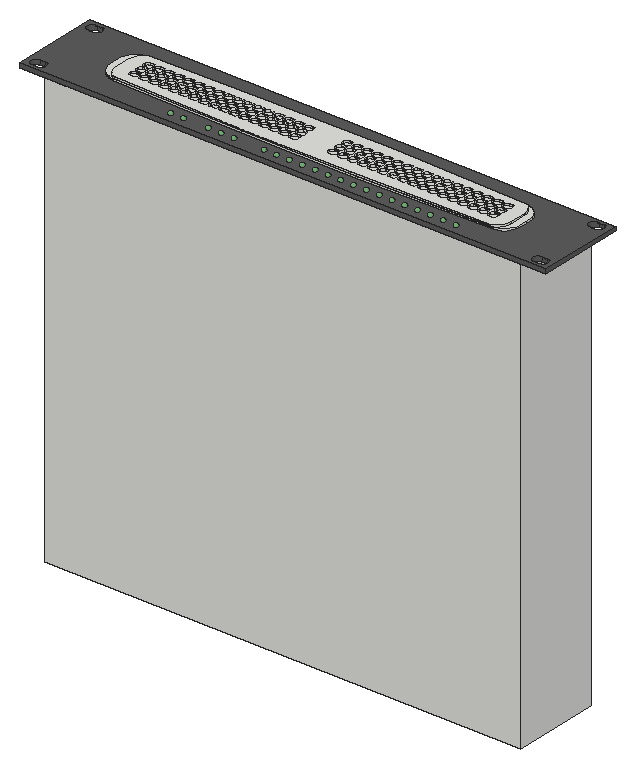
Revit family "Electronics_Amplifiers_Biamp_Vocia_Networked_VA-8150CV___", category Communication Devices, host Face, Revit 2020 (continued)
Forms (in)
  Extrusion 6, solid, material "Biamp - Metal - Silver" <- "Housing Material", detail levels medium+fine
    sketch origin (10.03068, -1.75082, -6.93265) x (1, 0, 0) y (0, 1, 0)
      loop
        arc (3.54892, 2.03922) -> (3.45454, 2.00013) -> (3.41544, 1.90574) r 0.13348
      loop
        line (3.81544, 1.90574) -> (3.81544, 1.86476)
        arc (3.81544, 1.86476) -> (3.85635, 1.76599) -> (3.95512, 1.72508) r 0.13968
        line (3.95512, 1.72508) -> (4.03383, 1.72508)
        arc (4.03383, 1.72508) -> (4.1326, 1.76599) -> (4.17351, 1.86476) r 0.13968
        line (4.17351, 1.86476) -> (4.17351, 1.90574)
        arc (4.17351, 1.90574) -> (4.13442, 2.00013) -> (4.04003, 2.03922) r 0.13348
        line (4.04003, 2.03922) -> (3.94892, 2.03922)
        arc (3.94892, 2.03922) -> (3.85454, 2.00013) -> (3.81544, 1.90574) r 0.13348
      loop
        line (4.21544, 1.90574) -> (4.21544, 1.86476)
        arc (4.21544, 1.86476) -> (4.25635, 1.76599) -> (4.35512, 1.72508) r 0.13968
        line (4.35512, 1.72508) -> (4.43383, 1.72508)
        arc (4.43383, 1.72508) -> (4.5326, 1.76599) -> (4.57351, 1.86476) r 0.13968
        line (4.57351, 1.86476) -> (4.57351, 1.90574)
        arc (4.57351, 1.90574) -> (4.53442, 2.00013) -> (4.44003, 2.03922) r 0.13348
        line (4.44003, 2.03922) -> (4.34892, 2.03922)
        arc (4.34892, 2.03922) -> (4.25454, 2.00013) -> (4.21544, 1.90574) r 0.13348
      loop
        line (4.61544, 1.90574) -> (4.61544, 1.86476)
        arc (4.61544, 1.86476) -> (4.65635, 1.76599) -> (4.75512, 1.72508) r 0.13968
        line (4.75512, 1.72508) -> (4.83383, 1.72508)
        arc (4.83383, 1.72508) -> (4.9326, 1.76599) -> (4.97351, 1.86476) r 0.13968
        line (4.97351, 1.86476) -> (4.97351, 1.90574)
        arc (4.97351, 1.90574) -> (4.93442, 2.00013) -> (4.84003, 2.03922) r 0.13348
        line (4.84003, 2.03922) -> (4.74892, 2.03922)
        arc (4.74892, 2.03922) -> (4.65454, 2.00013) -> (4.61544, 1.90574) r 0.13348
      loop
        line (5.01544, 1.90574) -> (5.01544, 1.86476)
        arc (5.01544, 1.86476) -> (5.05635, 1.76599) -> (5.15512, 1.72508) r 0.13968
        line (5.15512, 1.72508) -> (5.23383, 1.72508)
        arc (5.23383, 1.72508) -> (5.3326, 1.76599) -> (5.37351, 1.86476) r 0.13968
        line (5.37351, 1.86476) -> (5.37351, 1.90574)
        arc (5.37351, 1.90574) -> (5.33442, 2.00013) -> (5.24003, 2.03922) r 0.13348
        line (5.24003, 2.03922) -> (5.14892, 2.03922)
        arc (5.14892, 2.03922) -> (5.05454, 2.00013) -> (5.01544, 1.90574) r 0.13348
      loop
        line (5.41544, 1.90574) -> (5.41544, 1.86476)
        arc (5.41544, 1.86476) -> (5.45635, 1.76599) -> (5.55512, 1.72508) r 0.13968
        line (5.55512, 1.72508) -> (5.63383, 1.72508)
        arc (5.63383, 1.72508) -> (5.7326, 1.76599) -> (5.77351, 1.86476) r 0.13968
        line (5.77351, 1.86476) -> (5.77351, 1.90574)
        arc (5.77351, 1.90574) -> (5.73442, 2.00013) -> (5.64003, 2.03922) r 0.13348
        line (5.64003, 2.03922) -> (5.54892, 2.03922)
        arc (5.54892, 2.03922) -> (5.45454, 2.00013) -> (5.41544, 1.90574) r 0.13348
      loop
        line (5.81544, 1.90574) -> (5.81544, 1.86476)
        arc (5.81544, 1.86476) -> (5.85635, 1.76599) -> (5.95512, 1.72508) r 0.13968
        line (5.95512, 1.72508) -> (6.03383, 1.72508)
        arc (6.03383, 1.72508) -> (6.1326, 1.76599) -> (6.17351, 1.86476) r 0.13968
        line (6.17351, 1.86476) -> (6.17351, 1.90574)
        arc (6.17351, 1.90574) -> (6.13442, 2.00013) -> (6.04003, 2.03922) r 0.13348
        line (6.04003, 2.03922) -> (5.94892, 2.03922)
        arc (5.94892, 2.03922) -> (5.85454, 2.00013) -> (5.81544, 1.90574) r 0.13348
      loop
        line (6.21544, 1.90574) -> (6.21544, 1.86476)
        arc (6.21544, 1.86476) -> (6.25635, 1.76599) -> (6.35512, 1.72508) r 0.13968
        line (6.35512, 1.72508) -> (6.43383, 1.72508)
        arc (6.43383, 1.72508) -> (6.5326, 1.76599) -> (6.57351, 1.86476) r 0.13968
        line (6.57351, 1.86476) -> (6.57351, 1.90574)
        arc (6.57351, 1.90574) -> (6.53442, 2.00013) -> (6.44003, 2.03922) r 0.13348
        line (6.44003, 2.03922) -> (6.34892, 2.03922)
        arc (6.34892, 2.03922) -> (6.25454, 2.00013) -> (6.21544, 1.90574) r 0.13348
      loop
        line (6.61544, 1.90574) -> (6.61544, 1.86476)
        arc (6.61544, 1.86476) -> (6.65635, 1.76599) -> (6.75512, 1.72508) r 0.13968
        line (6.75512, 1.72508) -> (6.83383, 1.72508)
        arc (6.83383, 1.72508) -> (6.9326, 1.76599) -> (6.97351, 1.86476) r 0.13968
        line (6.97351, 1.86476) -> (6.97351, 1.90574)
        arc (6.97351, 1.90574) -> (6.93442, 2.00013) -> (6.84003, 2.03922) r 0.13348
        line (6.84003, 2.03922) -> (6.74892, 2.03922)
        arc (6.74892, 2.03922) -> (6.65454, 2.00013) -> (6.61544, 1.90574) r 0.13348
      loop
        line (7.01544, 1.90574) -> (7.01544, 1.86476)
        arc (7.01544, 1.86476) -> (7.05635, 1.76599) -> (7.15512, 1.72508) r 0.13968
        line (7.15512, 1.72508) -> (7.23383, 1.72508)
        arc (7.23383, 1.72508) -> (7.3326, 1.76599) -> (7.37351, 1.86476) r 0.13968
        line (7.37351, 1.86476) -> (7.37351, 1.90574)
        arc (7.37351, 1.90574) -> (7.33442, 2.00013) -> (7.24003, 2.03922) r 0.13348
        line (7.24003, 2.03922) -> (7.14892, 2.03922)
        arc (7.14892, 2.03922) -> (7.05454, 2.00013) -> (7.01544, 1.90574) r 0.13348
      loop
        line (0.61544, 1.55574) -> (0.61544, 1.51476)
        arc (0.61544, 1.51476) -> (0.65635, 1.41599) -> (0.75512, 1.37508) r 0.13968
        line (0.75512, 1.37508) -> (0.83383, 1.37508)
        arc (0.83383, 1.37508) -> (0.9326, 1.41599) -> (0.97351, 1.51476) r 0.13968
        line (0.97351, 1.51476) -> (0.97351, 1.55574)
        arc (0.97351, 1.55574) -> (0.93442, 1.65013) -> (0.84003, 1.68922) r 0.13348
        line (0.84003, 1.68922) -> (0.74892, 1.68922)
        arc (0.74892, 1.68922) -> (0.65454, 1.65013) -> (0.61544, 1.55574) r 0.13348
      loop
        line (1.01544, 1.55574) -> (1.01544, 1.51476)
        arc (1.01544, 1.51476) -> (1.05635, 1.41599) -> (1.15512, 1.37508) r 0.13968
        line (1.15512, 1.37508) -> (1.23383, 1.37508)
        arc (1.23383, 1.37508) -> (1.3326, 1.41599) -> (1.37351, 1.51476) r 0.13968
        line (1.37351, 1.51476) -> (1.37351, 1.55574)
        arc (1.37351, 1.55574) -> (1.33442, 1.65013) -> (1.24003, 1.68922) r 0.13348
        line (1.24003, 1.68922) -> (1.14892, 1.68922)
        arc (1.14892, 1.68922) -> (1.05454, 1.65013) -> (1.01544, 1.55574) r 0.13348
      loop
        line (1.41544, 1.55574) -> (1.41544, 1.51476)
        arc (1.41544, 1.51476) -> (1.45635, 1.41599) -> (1.55512, 1.37508) r 0.13968
        line (1.55512, 1.37508) -> (1.63383, 1.37508)
        arc (1.63383, 1.37508) -> (1.7326, 1.41599) -> (1.77351, 1.51476) r 0.13968
        line (1.77351, 1.51476) -> (1.77351, 1.55574)
        arc (1.77351, 1.55574) -> (1.73442, 1.65013) -> (1.64003, 1.68922) r 0.13348
        line (1.64003, 1.68922) -> (1.54892, 1.68922)
        arc (1.54892, 1.68922) -> (1.45454, 1.65013) -> (1.41544, 1.55574) r 0.13348
      loop
        line (1.81544, 1.55574) -> (1.81544, 1.51476)
        arc (1.81544, 1.51476) -> (1.85635, 1.41599) -> (1.95512, 1.37508) r 0.13968
        line (1.95512, 1.37508) -> (2.03383, 1.37508)
        arc (2.03383, 1.37508) -> (2.1326, 1.41599) -> (2.17351, 1.51476) r 0.13968
        line (2.17351, 1.51476) -> (2.17351, 1.55574)
        arc (2.17351, 1.55574) -> (2.13442, 1.65013) -> (2.04003, 1.68922) r 0.13348
        line (2.04003, 1.68922) -> (1.94892, 1.68922)
        arc (1.94892, 1.68922) -> (1.85454, 1.65013) -> (1.81544, 1.55574) r 0.13348
      loop
        line (2.21544, 1.55574) -> (2.21544, 1.51476)
        arc (2.21544, 1.51476) -> (2.25635, 1.41599) -> (2.35512, 1.37508) r 0.13968
        line (2.35512, 1.37508) -> (2.43383, 1.37508)
        arc (2.43383, 1.37508) -> (2.5326, 1.41599) -> (2.57351, 1.51476) r 0.13968
        line (2.57351, 1.51476) -> (2.57351, 1.55574)
        arc (2.57351, 1.55574) -> (2.53442, 1.65013) -> (2.44003, 1.68922) r 0.13348
        line (2.44003, 1.68922) -> (2.34892, 1.68922)
        arc (2.34892, 1.68922) -> (2.25454, 1.65013) -> (2.21544, 1.55574) r 0.13348
      loop
        line (2.61544, 1.55574) -> (2.61544, 1.51476)
        arc (2.61544, 1.51476) -> (2.65635, 1.41599) -> (2.75512, 1.37508) r 0.13968
        line (2.75512, 1.37508) -> (2.83383, 1.37508)
        arc (2.83383, 1.37508) -> (2.9326, 1.41599) -> (2.97351, 1.51476) r 0.13968
        line (2.97351, 1.51476) -> (2.97351, 1.55574)
        arc (2.97351, 1.55574) -> (2.93442, 1.65013) -> (2.84003, 1.68922) r 0.13348
        line (2.84003, 1.68922) -> (2.74892, 1.68922)
        arc (2.74892, 1.68922) -> (2.65454, 1.65013) -> (2.61544, 1.55574) r 0.13348
      loop
        line (3.01544, 1.55574) -> (3.01544, 1.51476)
        arc (3.01544, 1.51476) -> (3.05635, 1.41599) -> (3.15512, 1.37508) r 0.13968
        line (3.15512, 1.37508) -> (3.23383, 1.37508)
        arc (3.23383, 1.37508) -> (3.3326, 1.41599) -> (3.37351, 1.51476) r 0.13968
        line (3.37351, 1.51476) -> (3.37351, 1.55574)
        arc (3.37351, 1.55574) -> (3.33442, 1.65013) -> (3.24003, 1.68922) r 0.13348
        line (3.24003, 1.68922) -> (3.14892, 1.68922)
        arc (3.14892, 1.68922) -> (3.05454, 1.65013) -> (3.01544, 1.55574) r 0.13348
      loop
        line (3.41544, 1.55574) -> (3.41544, 1.51476)
        arc (3.41544, 1.51476) -> (3.45635, 1.41599) -> (3.55512, 1.37508) r 0.13968
        line (3.55512, 1.37508) -> (3.63383, 1.37508)
        arc (3.63383, 1.37508) -> (3.7326, 1.41599) -> (3.77351, 1.51476) r 0.13968
        line (3.77351, 1.51476) -> (3.77351, 1.55574)
        arc (3.77351, 1.55574) -> (3.73442, 1.65013) -> (3.64003, 1.68922) r 0.13348
        line (3.64003, 1.68922) -> (3.54892, 1.68922)
        arc (3.54892, 1.68922) -> (3.45454, 1.65013) -> (3.41544, 1.55574) r 0.13348
      loop
        line (3.81544, 1.55574) -> (3.81544, 1.51476)
        arc (3.81544, 1.51476) -> (3.85635, 1.41599) -> (3.95512, 1.37508) r 0.13968
        line (3.95512, 1.37508) -> (4.03383, 1.37508)
        arc (4.03383, 1.37508) -> (4.1326, 1.41599) -> (4.17351, 1.51476) r 0.13968
        line (4.17351, 1.51476) -> (4.17351, 1.55574)
        arc (4.17351, 1.55574) -> (4.13442, 1.65013) -> (4.04003, 1.68922) r 0.13348
        line (4.04003, 1.68922) -> (3.94892, 1.68922)
        arc (3.94892, 1.68922) -> (3.85454, 1.65013) -> (3.81544, 1.55574) r 0.13348
      loop
        line (4.21544, 1.55574) -> (4.21544, 1.51476)
        arc (4.21544, 1.51476) -> (4.25635, 1.41599) -> (4.35512, 1.37508) r 0.13968
        line (4.35512, 1.37508) -> (4.43383, 1.37508)
        arc (4.43383, 1.37508) -> (4.5326, 1.41599) -> (4.57351, 1.51476) r 0.13968
        line (4.57351, 1.51476) -> (4.57351, 1.55574)
        arc (4.57351, 1.55574) -> (4.53442, 1.65013) -> (4.44003, 1.68922) r 0.13348
        line (4.44003, 1.68922) -> (4.34892, 1.68922)
        arc (4.34892, 1.68922) -> (4.25454, 1.65013) -> (4.21544, 1.55574) r 0.13348
      loop
        line (4.61544, 1.55574) -> (4.61544, 1.51476)
        arc (4.61544, 1.51476) -> (4.65635, 1.41599) -> (4.75512, 1.37508) r 0.13968
        line (4.75512, 1.37508) -> (4.83383, 1.37508)
        arc (4.83383, 1.37508) -> (4.9326, 1.41599) -> (4.97351, 1.51476) r 0.13968
        line (4.97351, 1.51476) -> (4.97351, 1.55574)
        arc (4.97351, 1.55574) -> (4.93442, 1.65013) -> (4.84003, 1.68922) r 0.13348
        line (4.84003, 1.68922) -> (4.74892, 1.68922)
        arc (4.74892, 1.68922) -> (4.65454, 1.65013) -> (4.61544, 1.55574) r 0.13348
      loop
        line (5.01544, 1.55574) -> (5.01544, 1.51476)
        arc (5.01544, 1.51476) -> (5.05635, 1.41599) -> (5.15512, 1.37508) r 0.13968
        line (5.15512, 1.37508) -> (5.23383, 1.37508)
        arc (5.23383, 1.37508) -> (5.3326, 1.41599) -> (5.37351, 1.51476) r 0.13968
        line (5.37351, 1.51476) -> (5.37351, 1.55574)
        arc (5.37351, 1.55574) -> (5.33442, 1.65013) -> (5.24003, 1.68922) r 0.13348
        line (5.24003, 1.68922) -> (5.14892, 1.68922)
        arc (5.14892, 1.68922) -> (5.05454, 1.65013) -> (5.01544, 1.55574) r 0.13348
      loop
        line (5.41544, 1.55574) -> (5.41544, 1.51476)
        arc (5.41544, 1.51476) -> (5.45635, 1.41599) -> (5.55512, 1.37508) r 0.13968
        line (5.55512, 1.37508) -> (5.63383, 1.37508)
        arc (5.63383, 1.37508) -> (5.7326, 1.41599) -> (5.77351, 1.51476) r 0.13968
        line (5.77351, 1.51476) -> (5.77351, 1.55574)
        arc (5.77351, 1.55574) -> (5.73442, 1.65013) -> (5.64003, 1.68922) r 0.13348
        line (5.64003, 1.68922) -> (5.54892, 1.68922)
        arc (5.54892, 1.68922) -> (5.45454, 1.65013) -> (5.41544, 1.55574) r 0.13348
      loop
        line (5.81544, 1.55574) -> (5.81544, 1.51476)
        arc (5.81544, 1.51476) -> (5.85635, 1.41599) -> (5.95512, 1.37508) r 0.13968
        line (5.95512, 1.37508) -> (6.03383, 1.37508)
        arc (6.03383, 1.37508) -> (6.1326, 1.41599) -> (6.17351, 1.51476) r 0.13968
        line (6.17351, 1.51476) -> (6.17351, 1.55574)
        arc (6.17351, 1.55574) -> (6.13442, 1.65013) -> (6.04003, 1.68922) r 0.13348
        line (6.04003, 1.68922) -> (5.94892, 1.68922)
        arc (5.94892, 1.68922) -> (5.85454, 1.65013) -> (5.81544, 1.55574) r 0.13348
      loop
        line (6.21544, 1.55574) -> (6.21544, 1.51476)
        arc (6.21544, 1.51476) -> (6.25635, 1.41599) -> (6.35512, 1.37508) r 0.13968
        line (6.35512, 1.37508) -> (6.43383, 1.37508)
        arc (6.43383, 1.37508) -> (6.5326, 1.41599) -> (6.57351, 1.51476) r 0.13968
        line (6.57351, 1.51476) -> (6.57351, 1.55574)
        arc (6.57351, 1.55574) -> (6.53442, 1.65013) -> (6.44003, 1.68922) r 0.13348
        line (6.44003, 1.68922) -> (6.34892, 1.68922)
        arc (6.34892, 1.68922) -> (6.25454, 1.65013) -> (6.21544, 1.55574) r 0.13348
      loop
        line (6.61544, 1.55574) -> (6.61544, 1.51476)
        arc (6.61544, 1.51476) -> (6.65635, 1.41599) -> (6.75512, 1.37508) r 0.13968
        line (6.75512, 1.37508) -> (6.83383, 1.37508)
        arc (6.83383, 1.37508) -> (6.9326, 1.41599) -> (6.97351, 1.51476) r 0.13968
        line (6.97351, 1.51476) -> (6.97351, 1.55574)
        arc (6.97351, 1.55574) -> (6.93442, 1.65013) -> (6.84003, 1.68922) r 0.13348
        line (6.84003, 1.68922) -> (6.74892, 1.68922)
        arc (6.74892, 1.68922) -> (6.65454, 1.65013) -> (6.61544, 1.55574) r 0.13348
      loop
        line (7.01544, 1.55574) -> (7.01544, 1.51476)
        arc (7.01544, 1.51476) -> (7.05635, 1.41599) -> (7.15512, 1.37508) r 0.13968
        line (7.15512, 1.37508) -> (7.23383, 1.37508)
        arc (7.23383, 1.37508) -> (7.3326, 1.41599) -> (7.37351, 1.51476) r 0.13968
        line (7.37351, 1.51476) -> (7.37351, 1.55574)
        arc (7.37351, 1.55574) -> (7.33442, 1.65013) -> (7.24003, 1.68922) r 0.13348
        line (7.24003, 1.68922) -> (7.14892, 1.68922)
        arc (7.14892, 1.68922) -> (7.05454, 1.65013) -> (7.01544, 1.55574) r 0.13348
    from 7.16 to 7.21
  Revolve 7, solid, material "Biamp - Plastic - Green", detail levels fine
    sketch origin (22.71632, -1.32152, 0) x (-1, 0, 0) y (0, 0, -1)
      loop
        line (15.06198, -0.16696) -> (14.9045, -0.16696)
        arc (14.9045, -0.16696) -> (14.98324, -0.2457) -> (15.06198, -0.16696) r 0.07874
      loop
        line (15.57383, -0.16696) -> (15.41635, -0.16696)
        arc (15.41635, -0.16696) -> (15.49509, -0.2457) -> (15.57383, -0.16696) r 0.07874
      loop
        line (16.08554, -0.16696) -> (15.92806, -0.16696)
        arc (15.92806, -0.16696) -> (16.0068, -0.2457) -> (16.08554, -0.16696) r 0.07874
      loop
        line (17.59038, -0.16696) -> (17.4329, -0.16696)
        arc (17.4329, -0.16696) -> (17.51164, -0.2457) -> (17.59038, -0.16696) r 0.07874
      loop
        line (13.86138, -0.16696) -> (13.7039, -0.16696)
        arc (13.7039, -0.16696) -> (13.78264, -0.2457) -> (13.86138, -0.16696) r 0.07874
      loop
        line (13.34949, -0.16696) -> (13.19201, -0.16696)
        arc (13.19201, -0.16696) -> (13.27075, -0.2457) -> (13.34949, -0.16696) r 0.07874
      loop
        line (12.8376, -0.16696) -> (12.68012, -0.16696)
        arc (12.68012, -0.16696) -> (12.75886, -0.2457) -> (12.8376, -0.16696) r 0.07874
      loop
        line (12.32571, -0.16696) -> (12.16823, -0.16696)
        arc (12.16823, -0.16696) -> (12.24697, -0.2457) -> (12.32571, -0.16696) r 0.07874
      loop
        line (11.81382, -0.16696) -> (11.65634, -0.16696)
        arc (11.65634, -0.16696) -> (11.73508, -0.2457) -> (11.81382, -0.16696) r 0.07874
      loop
        line (11.30193, -0.16696) -> (11.14445, -0.16696)
        arc (11.14445, -0.16696) -> (11.22319, -0.2457) -> (11.30193, -0.16696) r 0.07874
      loop
        line (17.07867, -0.16696) -> (16.92119, -0.16696)
        arc (16.92119, -0.16696) -> (16.99993, -0.2457) -> (17.07867, -0.16696) r 0.07874
      loop
        line (10.79004, -0.16696) -> (10.63256, -0.16696)
        arc (10.63256, -0.16696) -> (10.7113, -0.2457) -> (10.79004, -0.16696) r 0.07874
      loop
        line (10.27815, -0.16696) -> (10.12067, -0.16696)
        arc (10.12067, -0.16696) -> (10.19941, -0.2457) -> (10.27815, -0.16696) r 0.07874
      loop
        line (9.76626, -0.16696) -> (9.60878, -0.16696)
        arc (9.60878, -0.16696) -> (9.68752, -0.2457) -> (9.76626, -0.16696) r 0.07874
      loop
        line (9.25437, -0.16696) -> (9.09689, -0.16696)
        arc (9.09689, -0.16696) -> (9.17563, -0.2457) -> (9.25437, -0.16696) r 0.07874
      loop
        line (8.74249, -0.16696) -> (8.585, -0.16696)
        arc (8.585, -0.16696) -> (8.66375, -0.2457) -> (8.74249, -0.16696) r 0.07874
      loop
        line (8.2306, -0.16696) -> (8.07312, -0.16696)
        arc (8.07312, -0.16696) -> (8.15186, -0.2457) -> (8.2306, -0.16696) r 0.07874
      loop
        line (7.71871, -0.16696) -> (7.56123, -0.16696)
        arc (7.56123, -0.16696) -> (7.63997, -0.2457) -> (7.71871, -0.16696) r 0.07874
      loop
        line (7.20682, -0.16696) -> (7.04934, -0.16696)
        arc (7.04934, -0.16696) -> (7.12808, -0.2457) -> (7.20682, -0.16696) r 0.07874
      loop
        line (6.69493, -0.16696) -> (6.53745, -0.16696)
        arc (6.53745, -0.16696) -> (6.61619, -0.2457) -> (6.69493, -0.16696) r 0.07874
      loop
        line (6.18304, -0.16696) -> (6.02556, -0.16696)
        arc (6.02556, -0.16696) -> (6.1043, -0.2457) -> (6.18304, -0.16696) r 0.07874
      axis (17.59038, -0.16696) -> (6.02556, -0.16696)
    angle from 90 to -90
Cuts and joins
  Extrusion 2 cuts Extrusion 1
  Extrusion 4 cuts Extrusion 3
Lines and regions (in)
  Masking region 1
    outline origin (0, 0, 0) x (1, 0, 0) y (0, 0, 1)
      loop
        line (0.53141, -17.33304) -> (19.53141, -17.33304) -> (19.53141, 0) -> (20.53141, 0) -> (20.53141, 0.16696) -> (-0.46859, 0.16696) -> (-0.46859, 0.00039) -> (0.53141, 0.00039) -> (0.53141, -17.33304)
  Masking region 2, detail levels medium+fine
    outline origin (0, 0, 0) x (1, 0, 0) y (0, 0, 1)
      loop
        line (1.83541, 0.16696) -> (18.22594, 0.16696) -> (18.22594, 0.22735) -> (17.92477, 0.22735) -> (17.92477, 0.27735) -> (2.13658, 0.27735) -> (2.13658, 0.22735) -> (1.83541, 0.22735) -> (1.83541, 0.16696)
  symbolic lines
    curve 1: line (20.53141, 0, 0) -> (-0.46859, 0, 0)
  symbolic lines, detail levels medium+fine
    curve 2: line (2.13658, 0, 0.22735) -> (17.92477, 0, 0.22735)
Dimensions and locks (in)
  aligned and locked: plane 2 to host face
  aligned and locked: level to host face
Connectors (in)
  electrical at (18.38843, -0.94744, -17.01062), driven by "Number of Poles", driven by "Voltage", driven by "Apparent Load", driven by "Power Factor", driven by "Connector Description"
    settings: on cut or joined group of Extrusion 1, Extrusion 2, index 1, voltage 120 V, apparent load 0 VA, apparent load phase1 432 VA, apparent load phase2 0 VA, apparent load phase3 0 VA, power factor 1, load classification "Other", number of poles 1, system type 31, power factor state 1, is connector primary yes, connector utility no, sub classification motor no, connector description "100-240VAC; 50/60Hz; 3.6-1.5A"
  electrical at (18.57474, 0.87157, -17.01062), driven by "Number of Poles", driven by "Apparent Load", driven by "Power Factor"
    settings: on cut or joined group of Extrusion 1, Extrusion 2, index 2, voltage 48 V, apparent load 432 VA, apparent load phase1 0 VA, apparent load phase2 0 VA, apparent load phase3 0 VA, power factor 1, load classification "Other", number of poles 1, system type 30, power factor state 1, is connector primary no, connector utility no, sub classification motor no, connector description "Auxiliary Power 2; 48V DC"
  electrical at (17.72708, 0.87157, -17.01062), driven by "Number of Poles", driven by "Apparent Load", driven by "Power Factor"
    settings: on cut or joined group of Extrusion 1, Extrusion 2, index 3, voltage 48 V, apparent load 432 VA, apparent load phase1 0 VA, apparent load phase2 0 VA, apparent load phase3 0 VA, power factor 1, load classification "Other", number of poles 1, system type 30, power factor state 1, is connector primary no, connector utility no, sub classification motor no, connector description "Auxiliary Power 1; 48V DC"
  electrical at (12.17644, 0.33425, -17.01062)
    settings: on cut or joined group of Extrusion 1, Extrusion 2, index 4, voltage 0 V, apparent load 0 VA, apparent load phase1 0 VA, apparent load phase2 0 VA, apparent load phase3 0 VA, power factor 1, load classification "Other", number of poles 1, system type 5, power factor state 1, is connector primary no, connector utility no, sub classification motor no, connector description "RJ-45; Primary"
  electrical at (11.52019, 0.33425, -17.01062)
    settings: on cut or joined group of Extrusion 1, Extrusion 2, index 5, voltage 0 V, apparent load 0 VA, apparent load phase1 0 VA, apparent load phase2 0 VA, apparent load phase3 0 VA, power factor 1, load classification "Other", number of poles 1, system type 5, power factor state 1, is connector primary no, connector utility no, sub classification motor no, connector description "RJ-45; Secondary"
  electrical at (12.04528, -1.22146, -17.01062)
    settings: on cut or joined group of Extrusion 1, Extrusion 2, index 6, voltage 0 V, apparent load 0 VA, apparent load phase1 0 VA, apparent load phase2 0 VA, apparent load phase3 0 VA, power factor 1, load classification "Other", number of poles 1, system type 5, power factor state 1, is connector primary no, connector utility no, sub classification motor no, connector description "Output 8; 150W 70V/100V"
  electrical at (9.35982, -1.22146, -17.01062)
    settings: on cut or joined group of Extrusion 1, Extrusion 2, index 7, voltage 0 V, apparent load 0 VA, apparent load phase1 0 VA, apparent load phase2 0 VA, apparent load phase3 0 VA, power factor 1, load classification "Other", number of poles 1, system type 5, power factor state 1, is connector primary no, connector utility no, sub classification motor no, connector description "Output 6; 150W 70V/100V"
  electrical at (9.45571, 0.29178, -17.01062)
    settings: on cut or joined group of Extrusion 1, Extrusion 2, index 8, voltage 0 V, apparent load 0 VA, apparent load phase1 0 VA, apparent load phase2 0 VA, apparent load phase3 0 VA, power factor 1, load classification "Other", number of poles 1, system type 5, power factor state 1, is connector primary no, connector utility no, sub classification motor no, connector description "Failover"
  electrical at (7.29748, 0.22719, -17.01062)
    settings: on cut or joined group of Extrusion 1, Extrusion 2, index 9, voltage 0 V, apparent load 0 VA, apparent load phase1 0 VA, apparent load phase2 0 VA, apparent load phase3 0 VA, power factor 1, load classification "Other", number of poles 1, system type 5, power factor state 1, is connector primary no, connector utility no, sub classification motor no, connector description "Page Active Relay (x4)"
  electrical at (5.78377, 0.22719, -17.01062)
    settings: on cut or joined group of Extrusion 1, Extrusion 2, index 10, voltage 0 V, apparent load 0 VA, apparent load phase1 0 VA, apparent load phase2 0 VA, apparent load phase3 0 VA, power factor 1, load classification "Other", number of poles 1, system type 5, power factor state 1, is connector primary no, connector utility no, sub classification motor no, connector description "Page Active Relay (x4)"
  electrical at (6.48482, -1.22146, -17.01062)
    settings: on cut or joined group of Extrusion 1, Extrusion 2, index 11, voltage 0 V, apparent load 0 VA, apparent load phase1 0 VA, apparent load phase2 0 VA, apparent load phase3 0 VA, power factor 1, load classification "Other", number of poles 1, system type 5, power factor state 1, is connector primary no, connector utility no, sub classification motor no, connector description "Output 4; 150W 70V/100V"
  electrical at (3.65669, -1.22146, -17.01062)
    settings: on cut or joined group of Extrusion 1, Extrusion 2, index 12, voltage 0 V, apparent load 0 VA, apparent load phase1 0 VA, apparent load phase2 0 VA, apparent load phase3 0 VA, power factor 1, load classification "Other", number of poles 1, system type 5, power factor state 1, is connector primary no, connector utility no, sub classification motor no, connector description "Output 2; 150W 70V/100V"
  electrical at (11.07495, -1.22146, -17.01062)
    settings: on cut or joined group of Extrusion 1, Extrusion 2, index 13, voltage 0 V, apparent load 0 VA, apparent load phase1 0 VA, apparent load phase2 0 VA, apparent load phase3 0 VA, power factor 1, load classification "Other", number of poles 1, system type 5, power factor state 1, is connector primary no, connector utility no, sub classification motor no, connector description "Output 7; 150W 70V/100V"
  electrical at (8.38948, -1.22146, -17.01062)
    settings: on cut or joined group of Extrusion 1, Extrusion 2, index 14, voltage 0 V, apparent load 0 VA, apparent load phase1 0 VA, apparent load phase2 0 VA, apparent load phase3 0 VA, power factor 1, load classification "Other", number of poles 1, system type 5, power factor state 1, is connector primary no, connector utility no, sub classification motor no, connector description "Output 5; 150W 70V/100V"
  electrical at (5.51448, -1.22146, -17.01062)
    settings: on cut or joined group of Extrusion 1, Extrusion 2, index 15, voltage 0 V, apparent load 0 VA, apparent load phase1 0 VA, apparent load phase2 0 VA, apparent load phase3 0 VA, power factor 1, load classification "Other", number of poles 1, system type 5, power factor state 1, is connector primary no, connector utility no, sub classification motor no, connector description "Output 3; 150W 70V/100V"
  electrical at (2.68635, -1.22146, -17.01062)
    settings: on cut or joined group of Extrusion 1, Extrusion 2, index 16, voltage 0 V, apparent load 0 VA, apparent load phase1 0 VA, apparent load phase2 0 VA, apparent load phase3 0 VA, power factor 1, load classification "Other", number of poles 1, system type 5, power factor state 1, is connector primary no, connector utility no, sub classification motor no, connector description "Output 1; 150W 70V/100V"
